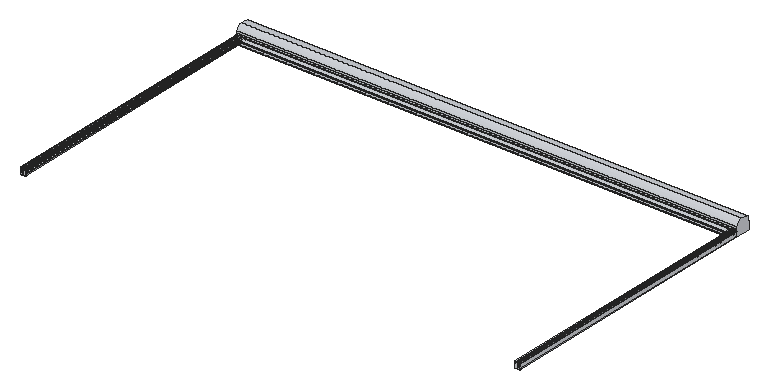
Revit family "StyRa® Zip Screen Z460", category Generic Models, host Face, Revit 2023 (continued)
Definition of nested family "Styrskena och Wire"
  Automatic sketch dimensions
    Extrusion 7 sketch curve to Extrusion 7 sketch curve = 0.522 mm
    Extrusion 7 sketch curve to Extrusion 7 sketch curve = 0.028 mm
    Extrusion 7 sketch curve to Extrusion 7 sketch curve = 0.203 mm
    Extrusion 8 sketch curve to Extrusion 8 sketch curve = 0 mm  (x13)
    level to Extrusion 8 sketch curve = 30.168 mm  (x2)
    Extrusion 8 sketch curve to plane 3 "Center (Left/Right)" = 209.977 mm
    Extrusion 8 sketch curve to plane 3 "Center (Left/Right)" = 36.97 mm
    Extrusion 8 sketch curve to Extrusion 8 sketch curve = 0.8 mm
    Extrusion 8 sketch curve to Extrusion 8 sketch curve = 1 mm  (x3)
    Extrusion 8 sketch curve to Extrusion 8 sketch curve = 0.3 mm  (x3)
    Extrusion 8 sketch curve to plane 3 "Center (Left/Right)" = 17.789 mm
    Extrusion 8 sketch curve to Extrusion 8 sketch curve = 1.454 mm
    Extrusion 8 sketch curve to Extrusion 8 sketch curve = 0.265 mm  (x2)
    Extrusion 8 sketch curve to plane 3 "Center (Left/Right)" = 14.85 mm
    Extrusion 8 sketch curve to Extrusion 8 sketch curve = 6.3 mm
    Extrusion 8 sketch curve to plane 3 "Center (Left/Right)" = 6.77 mm
    Extrusion 8 sketch curve to plane 3 "Center (Left/Right)" = 6.47 mm
    Extrusion 8 sketch curve to Extrusion 8 sketch curve = 3.3 mm
    Extrusion 8 sketch curve to Extrusion 8 sketch curve = 0.5 mm  (x5)
    Extrusion 8 sketch curve to plane 3 "Center (Left/Right)" = 2.917 mm
    Extrusion 8 sketch curve to plane 3 "Center (Left/Right)" = 1.273 mm
    Extrusion 8 sketch curve to level = 251.215 mm
    Extrusion 8 sketch curve to Extrusion 8 sketch curve = 5.9 mm
    Extrusion 8 sketch curve to Extrusion 8 sketch curve = 1.3 mm
    Extrusion 8 sketch curve to Extrusion 8 sketch curve = 3.468 mm
    Extrusion 8 sketch curve to Extrusion 8 sketch curve = 6.826 mm
    Extrusion 8 sketch curve to Extrusion 8 sketch curve = 3.409 mm
    Extrusion 8 sketch curve to Extrusion 8 sketch curve = 7.394 mm
    Extrusion 8 sketch curve to Extrusion 8 sketch curve = 0.031 mm
    Extrusion 8 sketch curve to Extrusion 8 sketch curve = 0.79 mm
    Extrusion 8 sketch curve to Extrusion 8 sketch curve = 0.423 mm
    Extrusion 8 sketch curve to Extrusion 8 sketch curve = 0.424 mm
    Extrusion 8 sketch curve to Extrusion 8 sketch curve = 1.07 mm
    Extrusion 8 sketch curve to Extrusion 8 sketch curve = 1.942 mm
    Extrusion 8 sketch curve to Extrusion 8 sketch curve = 1.789 mm
    Extrusion 9 sketch curve to level = 0 mm
    Extrusion 9 sketch curve to plane 3 "Center (Left/Right)" = 2.917 mm
    Extrusion 9 sketch curve to plane 3 "Center (Left/Right)" = 14.85 mm
    level to Extrusion 9 sketch curve = 2 mm
    Extrusion 9 sketch curve to plane 3 "Center (Left/Right)" = 35.17 mm
    level to Extrusion 9 sketch curve = 11.65 mm
    Extrusion 9 sketch curve to Extrusion 9 sketch curve = 47.8 mm
    level to Extrusion 9 sketch curve = 30.168 mm
    Extrusion 9 sketch curve to level = 251.215 mm
    level to Extrusion 9 sketch curve = 46.545 mm
    Extrusion 9 sketch curve to plane 3 "Center (Left/Right)" = 0.475 mm
    Extrusion 9 sketch curve to plane 3 "Center (Left/Right)" = 0.547 mm
    Extrusion 9 sketch curve to Extrusion 9 sketch curve = 1.994 mm
    Extrusion 9 sketch curve to Extrusion 9 sketch curve = 0 mm  (x2)
    Extrusion 9 sketch curve to plane 3 "Center (Left/Right)" = 2.533 mm
    level to Extrusion 9 sketch curve = 1.767 mm
    level to Extrusion 10 sketch curve = 0.002 mm
    Extrusion 10 sketch curve to plane 3 "Center (Left/Right)" = 0.81 mm
    Extrusion 10 sketch curve to plane 3 "Center (Left/Right)" = 2.811 mm
    Extrusion 10 sketch curve to plane 3 "Center (Left/Right)" = 4.381 mm
    Extrusion 10 sketch curve to plane 3 "Center (Left/Right)" = 5.613 mm
    Extrusion 10 sketch curve to plane 3 "Center (Left/Right)" = 19.563 mm
    level to Extrusion 10 sketch curve = 3.998 mm
    Extrusion 10 sketch curve to Extrusion 10 sketch curve = 28.815 mm
    Extrusion 10 sketch curve to Extrusion 10 sketch curve = 1.927 mm
    Extrusion 10 sketch curve to Extrusion 10 sketch curve = 23.074 mm
    level to Extrusion 10 sketch curve = 11.851 mm
    Extrusion 10 sketch curve to Extrusion 10 sketch curve = 24.735 mm
    level to Extrusion 10 sketch curve = 4.001 mm
    level to Extrusion 10 sketch curve = 31.648 mm
    Extrusion 10 sketch curve to Extrusion 10 sketch curve = 9.42 mm
    Extrusion 10 sketch curve to Extrusion 10 sketch curve = 6.56 mm
    Extrusion 10 sketch curve to Extrusion 10 sketch curve = 7.635 mm
    Extrusion 10 sketch curve to Extrusion 10 sketch curve = 1.994 mm
    Extrusion 10 sketch curve to Extrusion 10 sketch curve = 0 mm  (x2)
    Extrusion 10 sketch curve to Extrusion 10 sketch curve = 28.968 mm
Definition of nested family "Frontprofil"
  Parameters (values of type "Tung Frontprofil")
    Höjd Fronprofil [instance] = 36 mm
    Höjd (från vägg) = 84 mm
    Fronprofil Bredd [instance] = 3000 mm
    Tung Frontprofil = not(Lätt Frontprofil)  # yes
    Lätt Frontprofil = no
    Djup (från vägg) = 36 mm
    Default Elevation = 2200 mm
  Types (2, lengths in mm): name | Tung Frontprofil | Lätt Frontprofil | Default Elevation
    Lätt Frontprofil | no | yes | 1219.2
    Tung Frontprofil | yes | no | 2200
  Reference planes
    plane 1 "Center (Front/Back)": y = 0
    plane 2: z = 0
    plane 3 "Center (Left/Right)": x = 0
    plane 4: y = 36
    plane 5: z = 84
    plane 6: x = -1500
    plane 7: x = 1500
    plane 8: y = 0
    plane 9: x = -1493
    plane 10: x = 1493
    plane 11: x = -1515
    plane 12: x = 1515
  Forms (mm)
    Extrusion 1, solid
      sketch origin (0, 0, 0) x (1, 0, 0) y (0, 1, 0)
        loop
          line (-1219.2, 1219.2) -> (-1219.2, -1219.2) -> (1219.2, -1219.2) -> (1219.2, 1219.2) -> (-1219.2, 1219.2)
      from 0 to -304.8
    Extrusion 2, solid, visible <- "Lätt Frontprofil"
      sketch origin (0, 0, 0) x (0, 1, 0) y (0, 0, 1)
        loop
          arc (2.38, 29.824) -> (1.194, 29.235) -> (0.636, 28.035) r 2
          arc (0.636, 28.035) -> (0, 15.102) -> (0.636, 2.168) r 131.806
          arc (0.636, 2.168) -> (1.194, 0.968) -> (2.38, 0.38) r 2
          arc (2.38, 0.38) -> (9.348, 0.004) -> (16.3, 0.602) r 50
          arc (16.3, 0.602) -> (21.529, 5.715) -> (26.097, 11.427) r 60
          arc (26.097, 11.427) -> (25.916, 12.388) -> (24.961, 12.182) r 0.682
          arc (24.961, 12.182) -> (14.8, 15.102) -> (24.961, 18.022) r 5.5
          arc (24.961, 18.022) -> (25.916, 17.816) -> (26.097, 18.777) r 0.682
          arc (26.097, 18.777) -> (21.529, 24.488) -> (16.3, 29.602) r 60
          arc (16.3, 29.602) -> (9.348, 30.2) -> (2.38, 29.824) r 50
      from -1493 to 1493
    Extrusion 3, solid, visible <- "Tung Frontprofil"
      sketch origin (0, 78.691, -2.535) x (0, 1, 0) y (0, 0, 1)
        loop
          arc (-70.166, 30.702) -> (-70.725, 30.575) -> (-71.25, 30.343) r 3
          line (-71.25, 30.343) -> (-75.947, 27.708)
          arc (-75.947, 27.708) -> (-77.228, 26.567) -> (-77.913, 24.995) r 4
          arc (-77.913, 24.995) -> (-78.673, 17.235) -> (-77.913, 9.475) r 40
          arc (-77.913, 9.475) -> (-77.228, 7.903) -> (-75.947, 6.763) r 4
          line (-75.947, 6.763) -> (-71.25, 4.127)
          arc (-71.25, 4.127) -> (-70.725, 3.896) -> (-70.166, 3.768) r 3
          arc (-70.166, 3.768) -> (-50.681, 2.535) -> (-31.201, 3.844) r 150
          line (-31.201, 3.844) -> (-26, 6.763)
          arc (-26, 6.763) -> (-24.719, 7.903) -> (-24.033, 9.475) r 4
          arc (-24.033, 9.475) -> (-23.728, 11.219) -> (-23.501, 12.975) r 40
          arc (-23.501, 12.975) -> (-23.877, 14.138) -> (-24.992, 14.635) r 1.5
          line (-24.992, 14.635) -> (-26.927, 14.635)
          arc (-26.927, 14.635) -> (-37.273, 17.235) -> (-26.927, 19.835) r 5.5
          line (-26.927, 19.835) -> (-24.992, 19.835)
          arc (-24.992, 19.835) -> (-23.877, 20.333) -> (-23.501, 21.495) r 1.5
          arc (-23.501, 21.495) -> (-23.728, 23.251) -> (-24.033, 24.995) r 40
          arc (-24.033, 24.995) -> (-24.719, 26.567) -> (-26, 27.708) r 4
          line (-26, 27.708) -> (-30.697, 30.343)
          arc (-30.697, 30.343) -> (-31.221, 30.575) -> (-31.781, 30.702) r 3
          arc (-31.781, 30.702) -> (-50.973, 31.935) -> (-70.166, 30.702) r 150
      from -1493 to 1493
    Extrusion 4, solid, visible <- "Lätt Frontprofil"
      sketch origin (0, 0, 0) x (0, 1, 0) y (0, 0, 1)
        loop
          arc (26.147, 11.412) -> (26.611, 15.076) -> (26.125, 18.736) r 14.455
          arc (26.125, 18.736) -> (21.545, 24.47) -> (16.3, 29.602) r 60
          arc (16.3, 29.602) -> (9.348, 30.2) -> (2.38, 29.824) r 50
          arc (2.38, 29.824) -> (1.194, 29.235) -> (0.636, 28.035) r 2
          arc (0.636, 28.035) -> (0, 15.102) -> (0.636, 2.168) r 131.806
          arc (0.636, 2.168) -> (1.194, 0.968) -> (2.38, 0.38) r 2
          arc (2.38, 0.38) -> (9.348, 0.004) -> (16.3, 0.602) r 50
          arc (16.3, 0.602) -> (21.529, 5.715) -> (26.097, 11.427) r 60
      from -1500 to -1493
    Extrusion 5, solid, visible <- "Lätt Frontprofil"
      sketch origin (0, 0, 0) x (0, 1, 0) y (0, 0, -1)
        loop
          arc (26.097, -18.777) -> (26.665, -15.102) -> (26.097, -11.427) r 12.17
          arc (26.097, -11.427) -> (21.529, -5.715) -> (16.3, -0.602) r 60
          arc (16.3, -0.602) -> (9.348, -0.004) -> (2.38, -0.38) r 50
          arc (2.38, -0.38) -> (1.194, -0.968) -> (0.636, -2.168) r 2
          arc (0.636, -2.168) -> (0, -15.102) -> (0.636, -28.035) r 131.806
          arc (0.636, -28.035) -> (1.194, -29.235) -> (2.38, -29.824) r 2
          arc (2.38, -29.824) -> (9.348, -30.2) -> (16.3, -29.602) r 50
          arc (16.3, -29.602) -> (21.529, -24.488) -> (26.097, -18.777) r 60
      from -1500 to -1493
    Extrusion 6, solid, visible <- "Tung Frontprofil"
      sketch origin (0, 0, 0) x (0, 1, 0) y (0, 0, 1)
        loop
          arc (47.489, 28.091) -> (28.01, 29.399) -> (8.525, 28.167) r 150
          arc (8.525, 28.167) -> (7.965, 28.039) -> (7.44, 27.808) r 3
          line (7.44, 27.808) -> (2.744, 25.172)
          arc (2.744, 25.172) -> (1.463, 24.032) -> (0.777, 22.46) r 4
          arc (0.777, 22.46) -> (0.017, 14.7) -> (0.777, 6.94) r 40
          arc (0.777, 6.94) -> (1.463, 5.368) -> (2.744, 4.227) r 4
          line (2.744, 4.227) -> (7.945, 1.309)
          arc (7.945, 1.309) -> (27.717, 0) -> (47.489, 1.309) r 150
          line (47.489, 1.309) -> (52.691, 4.227)
          arc (52.691, 4.227) -> (53.972, 5.368) -> (54.657, 6.94) r 4
          arc (54.657, 6.94) -> (55.227, 10.801) -> (55.417, 14.7) r 40
          arc (55.417, 14.7) -> (55.227, 18.598) -> (54.657, 22.46) r 40
          arc (54.657, 22.46) -> (53.972, 24.032) -> (52.691, 25.172) r 4
          line (52.691, 25.172) -> (47.489, 28.091)
      from -1500 to -1493
    Extrusion 7, solid, visible <- "Tung Frontprofil"
      sketch origin (0, 0, 0) x (0, 1, 0) y (0, 0, -1)
        loop
          line (47.489, -28.091) -> (52.691, -25.172)
          arc (52.691, -25.172) -> (53.972, -24.032) -> (54.657, -22.46) r 4
          arc (54.657, -22.46) -> (55.227, -18.598) -> (55.417, -14.7) r 40
          arc (55.417, -14.7) -> (55.227, -10.801) -> (54.657, -6.94) r 40
          arc (54.657, -6.94) -> (53.972, -5.368) -> (52.691, -4.227) r 4
          line (52.691, -4.227) -> (47.489, -1.309)
          arc (47.489, -1.309) -> (27.717, 0) -> (7.945, -1.309) r 150
          line (7.945, -1.309) -> (2.744, -4.227)
          arc (2.744, -4.227) -> (1.463, -5.368) -> (0.777, -6.94) r 4
          arc (0.777, -6.94) -> (0.017, -14.7) -> (0.777, -22.46) r 40
          arc (0.777, -22.46) -> (1.463, -24.032) -> (2.744, -25.172) r 4
          line (2.744, -25.172) -> (7.44, -27.808)
          arc (7.44, -27.808) -> (7.965, -28.039) -> (8.525, -28.167) r 3
          arc (8.525, -28.167) -> (28.01, -29.399) -> (47.489, -28.091) r 150
      from -1500 to -1493
    Extrusion 8, solid, visible <- "Tung Frontprofil"
      sketch origin (0, -25.957, 0) x (1, 0, 0) y (0, 1, 0)
        loop
          line (-1500, 25.957) -> (-1500, 81.187) -> (-1515, 81.187) -> (-1515, 25.957) -> (-1500, 25.957)
      from 9.014 to 20.085
    Extrusion 9, solid, visible <- "Lätt Frontprofil"
      sketch origin (0, -13.511, 0) x (1, 0, 0) y (0, 1, 0)
        loop
          line (-1500, 14.2) -> (-1500, 40.19) -> (-1515, 40.19) -> (-1515, 14.2) -> (-1500, 14.2)
      from 9.575 to 20.729
    Extrusion 10, solid, visible <- "Lätt Frontprofil"
      sketch origin (0, -13.511, 0) x (-1, 0, 0) y (0, -1, 0)
        loop
          line (-1500, -14.2) -> (-1515, -14.2) -> (-1515, -40.19) -> (-1500, -40.19) -> (-1500, -14.2)
      from 9.575 to 20.729
    Extrusion 11, solid, visible <- "Tung Frontprofil"
      sketch origin (0, 0, 0) x (-1, 0, 0) y (0, -1, 0)
        loop
          line (-1500, 0) -> (-1515, 0) -> (-1515, -55.23) -> (-1500, -55.23) -> (-1500, 0)
      from 9.014 to 20.085
  Dimensions and locks
    "Höjd (från vägg)": plane 5 to plane 2
    "Djup (från vägg)": plane 4 to plane 1 "Center (Front/Back)"
    "Höjd Fronprofil": plane 4 to plane 8
    equal spacing: plane 6, plane 3 "Center (Left/Right)", plane 7
    "Fronprofil Bredd": plane 6 to plane 7
    plane 6 to plane 9 = 7 mm
    plane 10 to plane 7 = 7 mm
    plane 11 to plane 6 = 15 mm
    Extrusion 8 to Extrusion 8 = 55.23 mm
    Extrusion 9 to Extrusion 9 = 25.99 mm
    locked: plane 7 to plane 12 at 15
    locked: plane 11 to plane 6 at 15
    aligned and locked: plane 2 to Extrusion 1
    aligned and locked: level to Extrusion 1
    aligned and locked: plane 8 to plane 1 "Center (Front/Back)"
    aligned and locked: plane 9 to Extrusion 2
    aligned and locked: plane 6 to Extrusion 4
    aligned and locked: Extrusion 4 to Extrusion 2
    aligned and locked: Extrusion 2 to plane 10
    aligned and locked: Extrusion 5 to plane 10
    aligned and locked: Extrusion 5 to plane 7
    aligned and locked: plane 9 to Extrusion 3
    aligned and locked: plane 6 to Extrusion 6
    aligned and locked: Extrusion 6 to plane 9
    aligned and locked: plane 10 to Extrusion 3
    aligned and locked: Extrusion 7 to plane 10
    aligned and locked: plane 7 to Extrusion 7
    aligned and locked: Extrusion 11 to plane 7
    aligned and locked: plane 12 to Extrusion 11
  Automatic sketch dimensions
    Extrusion 1 sketch curve to Extrusion 1 sketch curve = 2438.4 mm  (x2)
    plane 1 "Center (Front/Back)" to Extrusion 2 sketch curve = 22.959 mm  (x2)
    Extrusion 2 sketch curve to plane 1 "Center (Front/Back)" = 2.626 mm  (x2)
    Extrusion 2 sketch curve to plane 1 "Center (Front/Back)" = 8.55 mm  (x2)
    Extrusion 2 sketch curve to plane 4 = 15.7 mm
    Extrusion 2 sketch curve to Extrusion 2 sketch curve = 5.239 mm  (x2)
    level to Extrusion 2 sketch curve = 15.102 mm
    plane 4 to Extrusion 2 sketch curve = 95.806 mm
    level to Extrusion 2 sketch curve = 11.82 mm
    level to Extrusion 2 sketch curve = 2.364 mm
    Extrusion 2 sketch curve to level = 15.772 mm
    Extrusion 2 sketch curve to level = 19.794 mm
    Extrusion 2 sketch curve to Extrusion 2 sketch curve = 3.282 mm  (x2)
    Extrusion 2 sketch curve to Extrusion 2 sketch curve = 12.737 mm
    Extrusion 2 sketch curve to Extrusion 2 sketch curve = 18.136 mm
    Extrusion 2 sketch curve to Extrusion 2 sketch curve = 22.158 mm
    Extrusion 2 sketch curve to plane 1 "Center (Front/Back)" = 0.636 mm
    Extrusion 2 sketch curve to Extrusion 2 sketch curve = 0 mm  (x6)
    level to Extrusion 2 sketch curve = 0.602 mm
    Extrusion 2 sketch curve to Extrusion 2 sketch curve = 13.674 mm
    Extrusion 2 sketch curve to Extrusion 2 sketch curve = 0.578 mm
    Extrusion 3 sketch curve to Extrusion 3 sketch curve = 0 mm  (x6)
    Extrusion 3 sketch curve to plane 1 "Center (Front/Back)" = 2.744 mm  (x2)
    Extrusion 3 sketch curve to Extrusion 3 sketch curve = 1.957 mm  (x4)
    level to Extrusion 3 sketch curve = 1.592 mm
    Extrusion 3 sketch curve to Extrusion 3 sketch curve = 4.697 mm  (x2)
    Extrusion 3 sketch curve to Extrusion 3 sketch curve = 1.468 mm  (x3)
    Extrusion 3 sketch curve to Extrusion 3 sketch curve = 6.509 mm
    Extrusion 3 sketch curve to plane 4 = 8.283 mm  (x2)
    plane 4 to Extrusion 3 sketch curve = 4.017 mm
    plane 4 to Extrusion 3 sketch curve = 10.526 mm
    Extrusion 3 sketch curve to Extrusion 3 sketch curve = 6.9 mm
    level to Extrusion 3 sketch curve = 1.309 mm
    plane 4 to Extrusion 3 sketch curve = 11.489 mm
    Extrusion 3 sketch curve to Extrusion 3 sketch curve = 4.207 mm
    Extrusion 3 sketch curve to Extrusion 3 sketch curve = 3.244 mm
    Extrusion 3 sketch curve to Extrusion 3 sketch curve = 1.031 mm  (x2)
    level to Extrusion 3 sketch curve = 4.227 mm  (x2)
    Extrusion 3 sketch curve to Extrusion 3 sketch curve = 1.934 mm  (x2)
    Extrusion 3 sketch curve to level = 120.6 mm
    Extrusion 3 sketch curve to Extrusion 3 sketch curve = 2.616 mm  (x3)
    Extrusion 3 sketch curve to Extrusion 3 sketch curve = 3.488 mm  (x4)
    Extrusion 3 sketch curve to Extrusion 3 sketch curve = 2.884 mm  (x2)
    Extrusion 3 sketch curve to Extrusion 3 sketch curve = 1.5 mm  (x2)
    Extrusion 3 sketch curve to Extrusion 3 sketch curve = 10.492 mm
    Extrusion 3 sketch curve to Extrusion 3 sketch curve = 2.6 mm  (x2)
    Extrusion 3 sketch curve to Extrusion 3 sketch curve = 6.984 mm
    Extrusion 3 sketch curve to Extrusion 3 sketch curve = 3.508 mm  (x2)
    Extrusion 3 sketch curve to plane 5 = 66 mm
    plane 1 "Center (Front/Back)" to Extrusion 5 sketch curve = 22.959 mm  (x2)
    Extrusion 5 sketch curve to plane 1 "Center (Front/Back)" = 2.626 mm  (x2)
    Extrusion 5 sketch curve to plane 1 "Center (Front/Back)" = 8.55 mm  (x2)
    Extrusion 5 sketch curve to plane 1 "Center (Front/Back)" = 14.495 mm
    level to Extrusion 5 sketch curve = 15.102 mm  (x2)
    plane 4 to Extrusion 5 sketch curve = 95.806 mm
    Extrusion 5 sketch curve to Extrusion 5 sketch curve = 12.737 mm
    Extrusion 5 sketch curve to Extrusion 5 sketch curve = 18.136 mm
    Extrusion 5 sketch curve to Extrusion 5 sketch curve = 22.158 mm
    level to Extrusion 5 sketch curve = 2.364 mm
    Extrusion 5 sketch curve to level = 15.772 mm
    Extrusion 5 sketch curve to level = 19.794 mm
    Extrusion 5 sketch curve to plane 1 "Center (Front/Back)" = 0.636 mm
    Extrusion 5 sketch curve to Extrusion 5 sketch curve = 0 mm  (x4)
    Extrusion 5 sketch curve to Extrusion 5 sketch curve = 13.674 mm
    level to Extrusion 5 sketch curve = 0.602 mm
    Extrusion 5 sketch curve to plane 4 = 9.903 mm
    Extrusion 6 sketch curve to Extrusion 6 sketch curve = 0 mm  (x4)
    Extrusion 6 sketch curve to plane 1 "Center (Front/Back)" = 2.744 mm  (x2)
    Extrusion 6 sketch curve to Extrusion 6 sketch curve = 1.957 mm  (x4)
    Extrusion 6 sketch curve to Extrusion 6 sketch curve = 4.697 mm
    level to Extrusion 6 sketch curve = 1.309 mm  (x2)
    Extrusion 6 sketch curve to Extrusion 6 sketch curve = 5.201 mm
    Extrusion 6 sketch curve to Extrusion 6 sketch curve = 1.468 mm
    Extrusion 6 sketch curve to Extrusion 6 sketch curve = 6.509 mm
    Extrusion 6 sketch curve to plane 4 = 8.283 mm  (x2)
    plane 4 to Extrusion 6 sketch curve = 4.017 mm
    plane 4 to Extrusion 6 sketch curve = 11.489 mm
    Extrusion 6 sketch curve to Extrusion 6 sketch curve = 3.244 mm  (x2)
    level to Extrusion 6 sketch curve = 4.227 mm  (x2)
    Extrusion 6 sketch curve to level = 120.6 mm
    Extrusion 6 sketch curve to Extrusion 6 sketch curve = 3.488 mm  (x4)
    Extrusion 6 sketch curve to Extrusion 6 sketch curve = 6.984 mm  (x4)
    Extrusion 6 sketch curve to Extrusion 6 sketch curve = 3.508 mm
    Extrusion 6 sketch curve to Extrusion 6 sketch curve = 2.616 mm
    Extrusion 6 sketch curve to Extrusion 6 sketch curve = 2.919 mm
    Extrusion 6 sketch curve to plane 5 = 66 mm
    Extrusion 7 sketch curve to Extrusion 7 sketch curve = 0 mm  (x4)
    Extrusion 7 sketch curve to plane 1 "Center (Front/Back)" = 2.744 mm  (x2)
    Extrusion 7 sketch curve to Extrusion 7 sketch curve = 1.957 mm  (x4)
    Extrusion 7 sketch curve to Extrusion 7 sketch curve = 4.697 mm
    level to Extrusion 7 sketch curve = 1.309 mm  (x2)
    Extrusion 7 sketch curve to Extrusion 7 sketch curve = 5.201 mm
    Extrusion 7 sketch curve to Extrusion 7 sketch curve = 1.468 mm
    Extrusion 7 sketch curve to Extrusion 7 sketch curve = 6.509 mm
    Extrusion 7 sketch curve to plane 4 = 8.283 mm  (x2)
    plane 4 to Extrusion 7 sketch curve = 4.017 mm
    plane 4 to Extrusion 7 sketch curve = 11.489 mm
    Extrusion 7 sketch curve to Extrusion 7 sketch curve = 3.244 mm  (x2)
    level to Extrusion 7 sketch curve = 4.227 mm
    Extrusion 7 sketch curve to Extrusion 7 sketch curve = 3.488 mm  (x4)
    Extrusion 7 sketch curve to Extrusion 7 sketch curve = 6.407 mm
    Extrusion 7 sketch curve to Extrusion 7 sketch curve = 6.984 mm  (x4)
    Extrusion 7 sketch curve to Extrusion 7 sketch curve = 3.508 mm
    Extrusion 7 sketch curve to Extrusion 7 sketch curve = 2.616 mm
    Extrusion 7 sketch curve to Extrusion 7 sketch curve = 2.919 mm
    Extrusion 7 sketch curve to plane 5 = 66 mm
    Extrusion 7 sketch curve to level = 120.6 mm
    Extrusion 8 sketch curve to plane 11 = 0 mm
    Extrusion 8 sketch curve to plane 6 = 0 mm
    Extrusion 8 sketch curve to plane 4 = 36 mm
    plane 4 to Extrusion 8 sketch curve = 19.23 mm
    Extrusion 9 sketch curve to plane 11 = 0 mm
    Extrusion 9 sketch curve to plane 6 = 0 mm
    Extrusion 9 sketch curve to plane 1 "Center (Front/Back)" = 0.689 mm
    Extrusion 9 sketch curve to Extrusion 9 sketch curve = 25.99 mm
    Extrusion 10 sketch curve to plane 12 = 0 mm
    Extrusion 10 sketch curve to plane 7 = 0 mm
    plane 1 "Center (Front/Back)" to Extrusion 10 sketch curve = 0.689 mm
    Extrusion 10 sketch curve to Extrusion 10 sketch curve = 25.99 mm
    Extrusion 11 sketch curve to plane 12 = 0 mm
    Extrusion 11 sketch curve to plane 7 = 0 mm
    plane 4 to Extrusion 11 sketch curve = 36 mm
    Extrusion 11 sketch curve to plane 4 = 19.23 mm
    plane 1 "Center (Front/Back)" to Extrusion 4 sketch curve = 22.959 mm  (x2)
    Extrusion 4 sketch curve to plane 1 "Center (Front/Back)" = 2.626 mm  (x2)
    Extrusion 4 sketch curve to plane 1 "Center (Front/Back)" = 8.55 mm  (x2)
    Extrusion 4 sketch curve to plane 1 "Center (Front/Back)" = 12.157 mm
    level to Extrusion 4 sketch curve = 15.102 mm
    plane 4 to Extrusion 4 sketch curve = 95.806 mm
    level to Extrusion 4 sketch curve = 15.046 mm
    level to Extrusion 4 sketch curve = 2.364 mm
    Extrusion 4 sketch curve to level = 15.772 mm
    Extrusion 4 sketch curve to level = 19.794 mm
    Extrusion 4 sketch curve to Extrusion 4 sketch curve = 12.793 mm
    Extrusion 4 sketch curve to Extrusion 4 sketch curve = 18.136 mm
    Extrusion 4 sketch curve to Extrusion 4 sketch curve = 22.158 mm
    Extrusion 4 sketch curve to plane 1 "Center (Front/Back)" = 0.636 mm
    Extrusion 4 sketch curve to Extrusion 4 sketch curve = 0 mm  (x4)
    Extrusion 4 sketch curve to Extrusion 4 sketch curve = 13.674 mm
    level to Extrusion 4 sketch curve = 0.602 mm
    Extrusion 4 sketch curve to plane 4 = 9.903 mm
    Extrusion 4 sketch curve to Extrusion 4 sketch curve = 0.028 mm
    Extrusion 4 sketch curve to Extrusion 4 sketch curve = 0.007 mm
    Extrusion 4 sketch curve to Extrusion 4 sketch curve = 0.051 mm
    Extrusion 4 sketch curve to Extrusion 4 sketch curve = 0.015 mm
Types (5, lengths in mm): name | Styrskena Screw | Styrskena Snap | Kassett Round | Kassett Square
  (no name) | no | yes | yes | no
  StyRa® Zip Screen Z460 4K Skruvskena | yes | no | no | yes
  StyRa® Zip Screen Z460 4K Snäppskena | no | yes | no | yes
  StyRa® Zip Screen Z460 Skruvskena | yes | no | yes | no
  StyRa® Zip Screen Z460 Snäppskena | no | yes | yes | no
